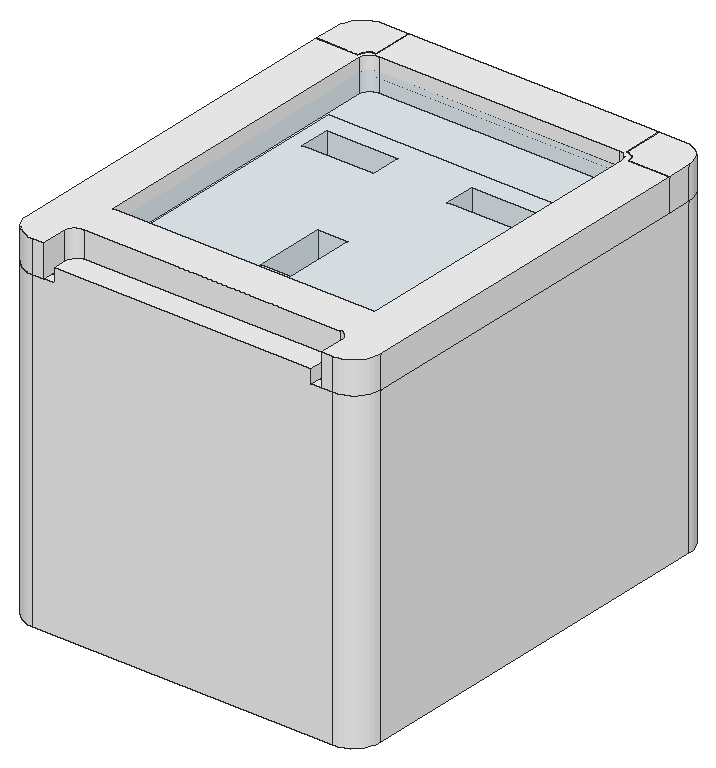
Revit family "Domotics-DomesticRanges-GEWISS-27COMBI_SYSTEM-IP55_SOCKET-OUTLET_ENG", category Apparecchi elettrici, host Superficie, Revit 2016
Family settings
  Host = Superficie
  Mantenere orientamento annotazione = Sì
  Tipo di parte = Normale
  Quota connettore circolare = Usa diametro
  Taglio con vuoti quando caricato = No
  Condiviso = No
  Punto di calcolo locali = Sì
Parameters (values of type "GW27843 - 2P+E 13A british socket-outlet IP55")
  Voltage: = "250 V ac"
  Voltage = "250 V ac"
  Volt = 230 V
  Vista in pianta [instance] = yes
  Version file RFA = "19.4"
  URL = "https://www.gewiss.com/ww/en"
  Type of knockout holes = "Removable with tool"
  Torque screws tightening = "0,8NM"
  Thermo-pressure with ball = "70 °C"
  Technical sheet = "https://www.gewiss.com/ww/en/search?q=GW27843"
  TXT ELETTRICO = "13"
  Standard; = "IEC 60884-1"
  Standard = "IEC 60884-1"
  Sportellino chiuso [instance] = yes
  Simbolo [instance] = yes
  SEO = "Enclosure"
  Realized by GEWISS S.p.A. = ""
  Default Elevation = 1219.2 mm
  Produttore = "GEWISS S.p.A."
  Outer dim. LxHxD (mm) = "66x82x65"
  No. knockout holes Ã˜23 = "3 on sides / 1 on the bottom"
  N. poli = 1
  N. holes Ã˜ 23 with cable gland = "1"
  Modello = "GW27843"
  Lid screws = "Stainless steel"
  Insulation class = "II"
  Installation temperature = "-25 +60 °C"
  Immagine tipo = GW27843.jpg
  IP degree = "IP55"
  IFC.TypeObject = ""
  IFC.ExportType = ""
  IFC.ExportAs = ""
  IDT = "60c39923-65d6-4e4a-9c99-547b867a970b"
  IDF = "0f2d7c9f-c33c-4442-8041-c68c6e49bf51"
  Glow Wire Test = "650°C"
  Electrocod = "0131"
  EAN code = "8011564074620"
  Door type = "With membrane"
  Door colour: = "Transparent"
  Distanza_x [instance] = 0 mm
  Distanza_effettiva_y [instance] = 100 mm
  Distanza_effettiva_x [instance] = 1000 mm - Distanza_x  # 1000 mm
  Distanza orizzontale del simbolo [instance] = 177.816 mm
  Distanza dal muro [instance] = 4.208 mm
  Descrizione = "2P+E 13A BRITISH SOCKET-OUTLET IP55"
  Description: = "Socket-outlet 2P+E - 13A"
  Colour = "Grey RAL 7035"
  Characteristics = "British Standard"
  Catalogue Range = "27COMBI"
  Catalogue = "DOMOTICS"
  Carico apparente = 0 VA
  COBie.Tagnumber = ""
  COBie.CreatedOn = ""
  COBie.CreatebBy = ""
  COBie.ComponentRegisterItemID = ""
  COBie.Component.TagNumber = ""
  COBie.Component.Space = ""
  COBie.Component.SerialNumber = ""
  COBie.Component.InstallationDate = ""
  COBie.Component.Description = ""
  COBie.Component.BarCode = ""
Reference planes
  plane 1 "Centro (Fronte/Retro)": y = 0
  plane 2: z = 0
  plane 3 "Centro (Sinistra/Destra)": x = 0
  plane 4: x = -1000
  plane 5: x = 0
  plane 6: y = 100
Lines and regions (mm)
  Masking region 1, visible <- "Vista in pianta"
    outline origin (0, 0, 0) x (1, 0, 0) y (0, 0, 1)
      loop
        line (-33, 65) -> (-33, 0) -> (33, 0) -> (33, 65) -> (-33, 65)
  Masking region 2, visible <- "Vista in pianta"
    outline origin (0, 0, 0) x (0, 1, 0) y (0, 0, 1)
      loop
        line (-41, 65) -> (-41, 0) -> (41, 0) -> (41, 65) -> (-41, 65)
  Masking region 3, visible <- "Vista in pianta"
    outline origin (0, 0, 0) x (1, 0, 0) y (0, 1, 0)
      loop
        arc (-28, 41) -> (-31.536, 39.536) -> (-33, 36) r 5
        line (-33, 36) -> (-33, -36)
        arc (-33, -36) -> (-31.536, -39.536) -> (-28, -41) r 5
        line (-28, -41) -> (28, -41)
        arc (28, -41) -> (31.536, -39.536) -> (33, -36) r 5
        line (33, -36) -> (33, 36)
        arc (33, 36) -> (31.536, 39.536) -> (28, 41) r 5
        line (28, 41) -> (-28, 41)
      loop
        line (-31, 36) -> (-31, -36)
        arc (-31, -36) -> (-30.121, -38.121) -> (-28, -39) r 3
        line (-28, -39) -> (28, -39)
        arc (28, -39) -> (30.121, -38.121) -> (31, -36) r 3
        line (31, -36) -> (31, 36)
        arc (31, 36) -> (30.121, 38.121) -> (28, 39) r 3
        line (28, 39) -> (-28, 39)
        arc (-28, 39) -> (-30.121, 38.121) -> (-31, 36) r 3
      loop
        line (-24.5, -26.752) -> (24.5, -26.752) -> (24.5, 30.828)
        arc (24.5, 30.828) -> (23.914, 32.242) -> (22.5, 32.828) r 2
        line (22.5, 32.828) -> (-22.5, 32.828)
        arc (-22.5, 32.828) -> (-23.914, 32.242) -> (-24.5, 30.828) r 2
        line (-24.5, 30.828) -> (-24.5, -26.752)
      loop
        line (-22.927, -23.285) -> (23.073, -23.285) -> (23.073, 21.715) -> (-22.927, 21.715) -> (-22.927, -23.285)
      loop
        line (20.264, 17.77) -> (6.979, 17.77) -> (6.979, 12.06) -> (20.264, 12.06) -> (20.264, 17.77)
      loop
        line (-6.832, 12.06) -> (-6.832, 17.77) -> (-20.117, 17.77) -> (-20.117, 12.06) -> (-6.832, 12.06)
      loop
        line (2.928, -6.048) -> (-2.781, -6.048) -> (-2.781, -19.333) -> (2.928, -19.333) -> (2.928, -6.048)
      loop
        line (-25.996, -36.247) -> (-25.996, -38.623) -> (25.996, -38.623) -> (25.996, -36.247)
        arc (25.996, -36.247) -> (25.41, -34.833) -> (23.996, -34.247) r 2
        line (23.996, -34.247) -> (-23.996, -34.247)
        arc (-23.996, -34.247) -> (-25.41, -34.833) -> (-25.996, -36.247) r 2
      loop
        arc (23.996, -38.247) -> (23.41, -36.833) -> (21.996, -36.247) r 2
        line (21.996, -36.247) -> (-21.996, -36.247)
        arc (-21.996, -36.247) -> (-23.41, -36.833) -> (-23.996, -38.247) r 2
        line (-23.996, -38.247) -> (23.996, -38.247)
Dimensions and locks
  plane 4 to plane 3 "Centro (Sinistra/Destra)" = 1000 mm
  "Distanza_effettiva_x": plane 4 to plane 5
  "Distanza_effettiva_y": plane 6 to plane 1 "Centro (Fronte/Retro)"
  aligned and locked: plane 2 to host face
  aligned and locked: level to host face
  aligned and locked: plane 3 "Centro (Sinistra/Destra)" to nested 1
  aligned and locked: plane 1 "Centro (Fronte/Retro)" to nested 1
  aligned and locked: plane 5 to nested 2
  aligned and locked: nested 2 to plane 6
  aligned and locked: Masking region 1 sketch curve to nested 1  (x4)
  aligned and locked: Masking region 2 sketch curve to nested 1  (x4)
Automatic sketch dimensions
  host sketch curve to host sketch curve = 2438.4 mm  (x2)
  Masking region 3 sketch curve to Masking region 3 sketch curve = 0 mm  (x8)
  Masking region 3 sketch curve to plane 3 "Centro (Sinistra/Destra)" = 33 mm
  Masking region 3 sketch curve to Masking region 3 sketch curve = 2 mm  (x6)
  Masking region 3 sketch curve to Masking region 3 sketch curve = 3 mm  (x3)
  Masking region 3 sketch curve to Masking region 3 sketch curve = 2.004 mm
  Masking region 3 sketch curve to Masking region 3 sketch curve = 3.5 mm
  Masking region 3 sketch curve to Masking region 3 sketch curve = 1.573 mm
  Masking region 3 sketch curve to Masking region 3 sketch curve = 2.81 mm
  Masking region 3 sketch curve to plane 3 "Centro (Sinistra/Destra)" = 6.832 mm
  Masking region 3 sketch curve to plane 3 "Centro (Sinistra/Destra)" = 2.781 mm
  plane 3 "Centro (Sinistra/Destra)" to Masking region 3 sketch curve = 2.928 mm
  plane 3 "Centro (Sinistra/Destra)" to Masking region 3 sketch curve = 6.979 mm
  Masking region 3 sketch curve to Masking region 3 sketch curve = 13.285 mm
  plane 3 "Centro (Sinistra/Destra)" to Masking region 3 sketch curve = 21.996 mm
  Masking region 3 sketch curve to Masking region 3 sketch curve = 2.236 mm
  Masking region 3 sketch curve to Masking region 3 sketch curve = 1.078 mm
  Masking region 3 sketch curve to Masking region 3 sketch curve = 1.427 mm
  Masking region 3 sketch curve to Masking region 3 sketch curve = 4.004 mm
  Masking region 3 sketch curve to Masking region 3 sketch curve = 5.5 mm
  plane 1 "Centro (Fronte/Retro)" to Masking region 3 sketch curve = 41 mm
  Masking region 3 sketch curve to Masking region 3 sketch curve = 0.377 mm  (x2)
  Masking region 3 sketch curve to Masking region 3 sketch curve = 0.247 mm
  Masking region 3 sketch curve to Masking region 3 sketch curve = 7.495 mm
  Masking region 3 sketch curve to Masking region 3 sketch curve = 3.466 mm
  plane 1 "Centro (Fronte/Retro)" to Masking region 3 sketch curve = 19.333 mm
  plane 1 "Centro (Fronte/Retro)" to Masking region 3 sketch curve = 6.048 mm
  Masking region 3 sketch curve to plane 1 "Centro (Fronte/Retro)" = 12.06 mm  (x2)
  Masking region 3 sketch curve to Masking region 3 sketch curve = 5.709 mm  (x2)
  Masking region 3 sketch curve to Masking region 3 sketch curve = 3.945 mm
  Masking region 3 sketch curve to Masking region 3 sketch curve = 9.114 mm
  Masking region 3 sketch curve to Masking region 3 sketch curve = 5.172 mm
Nested families
  nested 1: "System Contenitori IP55 Compl Prese Eng_GENERICO" at (0, 0, 0), Sportellino Chiuso <- "Sportellino chiuso", type "GW27843 Presa standard Inglese 2P+T 13A stagna"
    with Sportellino Chiuso yes, Sportellino Aperto no
  nested 2: "SIMBOLO PRESE" at (0, 100, 0), TESTO ELETTRICO <- "TXT ELETTRICO", Distanza dal muro <- "Distanza dal muro", SIMBOLO <- "Simbolo", visible <- "Simbolo", type "PRESA"
    with TESTO ELETTRICO "13", SIMBOLO yes, Distanza dal muro 4.208 mm, BORDO ACCESO yes
Connectors
  electrical at (0, 0, 0), driven by "N. poli", driven by "Volt", driven by "Carico apparente"
    settings: on nested 1, index 1, voltage 230 V, apparent load 0 VA, apparent load phase1 0 VA, apparent load phase2 0 VA, apparent load phase3 0 VA, power factor 1, load classification "Altro", number of poles 1, system type 31, power factor state 1, is connector primary yes, connector utility no, sub classification motor no, connector description ""
Definition of nested family "System Contenitori IP55 Compl Prese Eng_GENERICO"
  Parameters (values of type "GW27843 Presa standard Inglese 2P+T 13A stagna")
    Vetro Sportello = none
    Sportellino Chiuso [instance] = yes
    Sportellino Aperto [instance] = not(Sportellino Chiuso)  # no
    Profondità = 32 mm
    Lunghezza = 82 mm
    Larghezza = 66 mm
    Contenitore = none
    Altezza da terra = 750 mm
  Reference planes
    plane 1 "Centro (Fronte/Retro)": y = 0
    plane 2: z = 0
    plane 3 "Centro (Sinistra/Destra)": x = 0
    plane 4: y = -41
    plane 5: y = 41
    plane 6: y = -26.752
    plane 7: y = 36
    plane 8: y = 38.225
    plane 9 "Lato Superiore Vetro Aperto": y = 38.725
    plane 10: z = 65
    plane 11: z = 65
    plane 12: z = 59
    plane 13: z = 52.707
    plane 14: z = 62.604
    plane 15: z = 61.5
    plane 16: z = 60
  Forms (mm)
    Extrusion 1, solid, material <- "Contenitore"
      sketch origin (0, -10.785, 27) x (1, 0, 0) y (0, 1, 0)
        loop
          arc (-28, 51.785) -> (-31.536, 50.321) -> (-33, 46.785) r 5
          line (-33, 46.785) -> (-33, -25.215)
          arc (-33, -25.215) -> (-31.536, -28.75) -> (-28, -30.215) r 5
          line (-28, -30.215) -> (28, -30.215)
          arc (28, -30.215) -> (31.536, -28.75) -> (33, -25.215) r 5
          line (33, -25.215) -> (33, 46.785)
          arc (33, 46.785) -> (31.536, 50.321) -> (28, 51.785) r 5
          line (28, 51.785) -> (-28, 51.785)
        loop
          arc (-31, -25.215) -> (-30.121, -27.336) -> (-28, -28.215) r 3
          line (-28, -28.215) -> (28, -28.215)
          arc (28, -28.215) -> (30.121, -27.336) -> (31, -25.215) r 3
          line (31, -25.215) -> (31, 46.785)
          arc (31, 46.785) -> (30.121, 48.907) -> (28, 49.785) r 3
          line (28, 49.785) -> (-28, 49.785)
          arc (-28, 49.785) -> (-30.121, 48.907) -> (-31, 46.785) r 3
          line (-31, 46.785) -> (-31, -25.215)
      from 32 to -27
    Extrusion 2, solid, material <- "Contenitore", visible <- "Sportellino Chiuso", detail levels fine
      sketch origin (0, -10.785, 27) x (1, 0, 0) y (0, 1, 0)
        loop
          line (-23.414, 51.785) -> (-23.414, 44.201)
          arc (-23.414, 44.201) -> (-24.751, 43.647) -> (-25.304, 42.31) r 1.89
          line (-25.304, 42.31) -> (-33, 42.31) -> (-33, -25.215)
          arc (-33, -25.215) -> (-31.536, -28.75) -> (-28, -30.215) r 5
          line (-28, -30.215) -> (-25.996, -30.215) -> (-25.996, -25.461)
          arc (-25.996, -25.461) -> (-25.41, -24.047) -> (-23.996, -23.461) r 2
          line (-23.996, -23.461) -> (23.996, -23.461)
          arc (23.996, -23.461) -> (25.41, -24.047) -> (25.996, -25.461) r 2
          line (25.996, -25.461) -> (25.996, -30.215) -> (28, -30.215)
          arc (28, -30.215) -> (31.536, -28.75) -> (33, -25.215) r 5
          line (33, -25.215) -> (33, 42.31) -> (25.304, 42.31)
          arc (25.304, 42.31) -> (24.751, 43.647) -> (23.414, 44.201) r 1.89
          line (23.414, 44.201) -> (23.414, 51.785) -> (-23.414, 51.785)
        loop
          arc (-22.5, 43.614) -> (-23.914, 43.028) -> (-24.5, 41.614) r 2
          line (-24.5, 41.614) -> (-24.5, -15.966) -> (24.5, -15.966) -> (24.5, 41.614)
          arc (24.5, 41.614) -> (23.914, 43.028) -> (22.5, 43.614) r 2
          line (22.5, 43.614) -> (-22.5, 43.614)
      from 38 to 32
    Extrusion 3, solid, material <- "Contenitore"
      sketch origin (0, -10.785, 27) x (1, 0, 0) y (0, 1, 0)
        loop
          line (-23.996, -30.215) -> (23.996, -30.215) -> (23.996, -27.461)
          arc (23.996, -27.461) -> (23.41, -26.047) -> (21.996, -25.461) r 2
          line (21.996, -25.461) -> (-21.996, -25.461)
          arc (-21.996, -25.461) -> (-23.41, -26.047) -> (-23.996, -27.461) r 2
          line (-23.996, -27.461) -> (-23.996, -30.215)
      from 32 to 34.5
    Extrusion 4, solid, material <- "Vetro Sportello", visible <- "Sportellino Chiuso"
      sketch origin (0, -10.785, 29.5) x (1, 0, 0) y (0, 1, 0)
        loop
          arc (-22.5, 43.614) -> (-23.914, 43.028) -> (-24.5, 41.614) r 2
          line (-24.5, 41.614) -> (-24.5, -15.966) -> (24.5, -15.966) -> (24.5, 41.614)
          arc (24.5, 41.614) -> (23.914, 43.028) -> (22.5, 43.614) r 2
          line (22.5, 43.614) -> (-22.5, 43.614)
      from 32 to 33.104
    Extrusion 5, solid, material <- "Contenitore", detail levels fine
      sketch origin (0, -10.785, 27) x (1, 0, 0) y (0, 1, 0)
        loop
          arc (-28, 51.785) -> (-31.536, 50.321) -> (-33, 46.785) r 5
          line (-33, 46.785) -> (-33, 42.31) -> (-25.304, 42.31)
          arc (-25.304, 42.31) -> (-24.751, 43.647) -> (-23.414, 44.201) r 1.89
          line (-23.414, 44.201) -> (-23.414, 51.785) -> (-28, 51.785)
      from 32 to 38
    Extrusion 6, solid, material <- "Contenitore", detail levels fine
      sketch origin (0, -10.785, 27) x (1, 0, 0) y (0, 1, 0)
        loop
          line (23.414, 51.785) -> (23.414, 44.201)
          arc (23.414, 44.201) -> (24.751, 43.647) -> (25.304, 42.31) r 1.89
          line (25.304, 42.31) -> (33, 42.31) -> (33, 46.785)
          arc (33, 46.785) -> (31.536, 50.321) -> (28, 51.785) r 5
          line (28, 51.785) -> (23.414, 51.785)
      from 32 to 38
    Extrusion 7, solid, material <- "Contenitore", visible <- "Sportellino Aperto", detail levels fine
      sketch origin (0, -791, 59) x (1, 0, 0) y (0, 0, -1)
        loop
          line (-23.414, 0) -> (-23.414, -7.585)
          arc (-23.414, -7.585) -> (-24.751, -8.139) -> (-25.304, -9.475) r 1.89
          line (-25.304, -9.475) -> (-33, -9.475) -> (-33, -77)
          arc (-33, -77) -> (-31.536, -80.536) -> (-28, -82) r 5
          line (-28, -82) -> (-25.996, -82) -> (-25.996, -77.697)
          arc (-25.996, -77.697) -> (-25.278, -75.964) -> (-23.545, -75.247) r 2.45
          line (-23.545, -75.247) -> (23.496, -75.247)
          arc (23.496, -75.247) -> (25.264, -75.979) -> (25.996, -77.747) r 2.5
          line (25.996, -77.747) -> (25.996, -82) -> (28, -82)
          arc (28, -82) -> (31.536, -80.536) -> (33, -77) r 5
          line (33, -77) -> (33, -9.475) -> (25.304, -9.475)
          arc (25.304, -9.475) -> (24.751, -8.139) -> (23.414, -7.585) r 1.89
          line (23.414, -7.585) -> (23.414, 0) -> (-23.414, 0)
        loop
          arc (-20.971, -14.5) -> (-22.406, -15.094) -> (-23, -16.529) r 2.029
          line (-23, -16.529) -> (-23, -64.5) -> (23, -64.5) -> (23, -16.473)
          arc (23, -16.473) -> (22.422, -15.078) -> (21.027, -14.5) r 1.973
          line (21.027, -14.5) -> (-20.971, -14.5)
      from 827 to 832
    Extrusion 8, solid, material <- "Contenitore"
      sketch origin (0, -10.785, 0) x (1, 0, 0) y (0, 1, 0)
        loop
          arc (31, 46.785) -> (30.121, 48.907) -> (28, 49.785) r 3
          line (28, 49.785) -> (-28, 49.785)
          arc (-28, 49.785) -> (-30.121, 48.907) -> (-31, 46.785) r 3
          line (-31, 46.785) -> (-31, -25.215)
          arc (-31, -25.215) -> (-30.121, -27.336) -> (-28, -28.215) r 3
          line (-28, -28.215) -> (28, -28.215)
          arc (28, -28.215) -> (30.121, -27.336) -> (31, -25.215) r 3
          line (31, -25.215) -> (31, 46.785)
        loop
          line (-22.927, 32.5) -> (-22.927, -12.5) -> (23.073, -12.5) -> (23.073, 32.5) -> (-22.927, 32.5)
      from 59 to 52.707
    Extrusion 9, solid, material <- "Contenitore"
      sketch origin (0, -10.785, 0) x (1, 0, 0) y (0, 1, 0)
        loop
          line (-22.927, 32.5) -> (-22.927, -12.5) -> (23.073, -12.5) -> (23.073, 32.5) -> (-22.927, 32.5)
      from 60 to 52.707
    Extrusion 10, void, detail levels fine
      sketch origin (0, 0, 0) x (1, 0, 0) y (0, 1, 0)
        loop
          line (-20.117, 17.77) -> (-20.117, 12.06) -> (-6.832, 12.06) -> (-6.832, 17.77) -> (-20.117, 17.77)
        loop
          line (6.979, 17.77) -> (6.979, 12.06) -> (20.264, 12.06) -> (20.264, 17.77) -> (6.979, 17.77)
        loop
          line (-2.781, -6.048) -> (-2.781, -19.333) -> (2.928, -19.333) -> (2.928, -6.048) -> (-2.781, -6.048)
      from 0 to 60
  Cuts and joins
    joined: Extrusion 1, Extrusion 3
    Extrusion 10 cuts Extrusion 4
    Extrusion 10 cuts Extrusion 9
  Lines and regions (mm)
    model lines, detail levels fine
      curve 1: line (-20.117, 17.77, 60) -> (-20.117, 12.06, 60)
      curve 2: line (-20.117, 12.06, 60) -> (-6.832, 12.06, 60)
      curve 3: line (-6.832, 12.06, 60) -> (-6.832, 17.77, 60)
      curve 4: line (-6.832, 17.77, 60) -> (-20.117, 17.77, 60)
      curve 5: line (20.264, 17.77, 60) -> (20.264, 12.06, 60)
      curve 6: line (20.264, 12.06, 60) -> (6.979, 12.06, 60)
      curve 7: line (6.979, 12.06, 60) -> (6.979, 17.77, 60)
      curve 8: line (6.979, 17.77, 60) -> (20.264, 17.77, 60)
      curve 9: line (2.928, -6.048, 60) -> (-2.781, -6.048, 60)
      curve 10: line (-2.781, -6.048, 60) -> (-2.781, -19.333, 60)
      curve 11: line (-2.781, -19.333, 60) -> (2.928, -19.333, 60)
      curve 12: line (2.928, -19.333, 60) -> (2.928, -6.048, 60)
  Dimensions and locks
    locked: plane 10 to plane 2 at 65
    plane 11 to plane 12 to plane 13 = 6 mm locked, 6.293 mm locked
    plane 11 to plane 14 to plane 15 = 2.396 mm locked, 1.104 mm locked
    aligned and locked: level to plane 2
    aligned and locked: Extrusion 7 to plane 5
    aligned and locked: Extrusion 7 to plane 7
    aligned and locked: cut or joined group of Extrusion 1, Extrusion 3 to plane 2
    aligned and locked: Extrusion 2 to Extrusion 5
    aligned and locked: plane 12 to cut or joined group of Extrusion 1, Extrusion 3
    aligned and locked: plane 11 to Extrusion 2
    aligned and locked: Extrusion 6 to Extrusion 2
    aligned and locked: plane 14 to Extrusion 4
    aligned and locked: plane 15 to Extrusion 4
    aligned and locked: Extrusion 3 to Extrusion 1
    aligned and locked: plane 16 to Extrusion 9
    aligned and locked: Extrusion 8 to cut or joined group of Extrusion 1, Extrusion 3
    aligned and locked: Extrusion 2 to cut or joined group of Extrusion 1, Extrusion 3
    aligned and locked: Extrusion 2 to Extrusion 6
Definition of nested family "SIMBOLO PRESE"
  Parameters (values of type "PRESA")
    TESTO ELETTRICO [instance] = "TXT"
    Simbolo = SIMBOLO PRESE_BASE : PRESA
    SIMBOLO [instance] = yes
    Distanza dal muro [instance] = 4.208 mm
    BORDO ACCESO [instance] = yes
  Reference planes
    plane 1: y = 0
    plane 2: x = 0
  Dimensions and locks
    aligned and locked: plane 1 to nested 1
    aligned and locked: plane 2 to nested 1
  Nested families
    nested 1: "SIMBOLO PRESE_BASE" at (0, 0, 0), type <- "Simbolo", TESTO ELETTRICO <- "TESTO ELETTRICO", BORDO ACCESO <- "BORDO ACCESO", visible <- "SIMBOLO", type "PRESA"
      with TESTO ELETTRICO "TXT", BORDO ACCESO yes
  Definition of nested family "SIMBOLO PRESE_BASE"
    Parameters (values of type "PRESA")
      TESTO ELETTRICO [instance] = "TXT"
      Distanza dal muro = 4.208 mm
      BORDO ACCESO [instance] = yes
    Reference planes
      plane 1: y = 0
      plane 2: x = 0
    Lines and regions (mm)
      detail lines, visible <- "BORDO ACCESO", not visible
        curve 1: line (-1.743, 9.208, 0) -> (2.057, 9.208, 0)
        curve 2: line (2.057, 9.208, 0) -> (2.057, 4.208, 0)
        curve 3: line (2.057, 4.208, 0) -> (-1.743, 4.208, 0)
        curve 4: line (-1.743, 4.208, 0) -> (-1.743, 9.208, 0)
        curve 5: line (-1.543, 9.008, 0) -> (1.857, 9.008, 0)
        curve 6: line (1.857, 9.008, 0) -> (1.857, 4.408, 0)
        curve 7: line (1.857, 4.408, 0) -> (-1.543, 4.408, 0)
        curve 8: line (-1.543, 4.408, 0) -> (-1.543, 9.008, 0)
      detail lines
        curve 9: line (0.783, 1.133, 0) -> (-0.783, 1.133, 0)
        curve 10: line (0, 1.133, 0) -> (0, 0.349, 0)
        curve 11: arc (-0.783, 1.916, 0) -> (0, 1.133, 0) -> (0.783, 1.916, 0) r 0.783
    Text (mm)
      label "TXT" at (0.016, 1.578, 0), shows "TESTO ELETTRICO"
